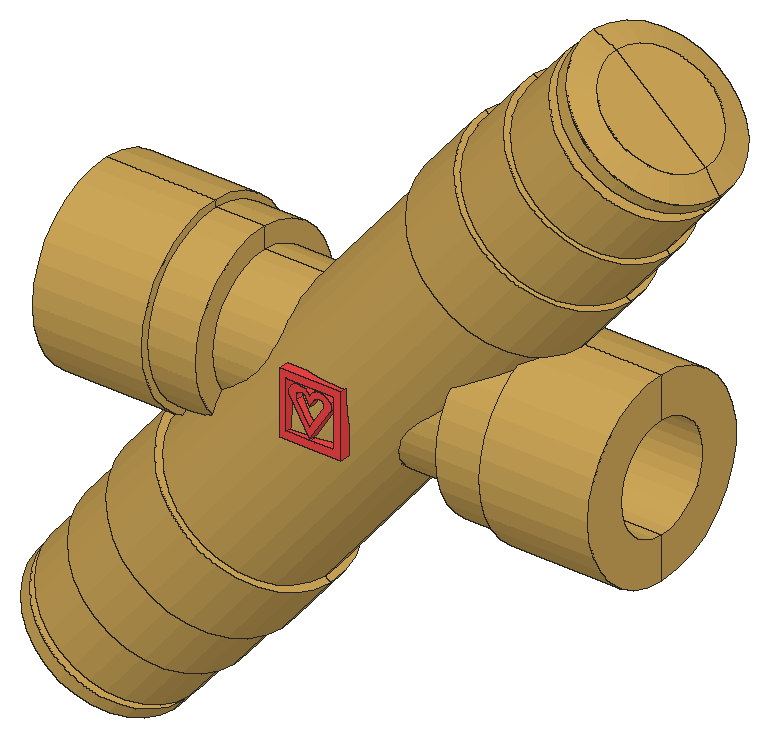
Revit family "Zirkulationstemperaturbegrenzer 4011", category Rohrzubehör, Revit 2018
Family settings
  Bemaßung runder Anschluss = Durchmesser verwenden
  Teiletyp = Unterbricht
  OmniClass-Nummer = 23.65.55.14
  OmniClass-Titel = Valves for Liquid Services
  Arbeitsebenenbasiert = Nein
  Immer vertikal = Ja
  Beim Laden mit Abzugskörper schneiden = Nein
  Gemeinsam genutzt = Nein
Parameters (values of type "Werkseinstellung 52 und 70°C")
  Werkseinstellung Temperatur [instance] = if([52_70], "52 - 70°C", if([55_70], "55 - 70°C", if([58_70], "58 - 70°C", "0")))  # "52 - 70°C"
  W03 = 25.00°  # constant formula
  W02 = 15.00°  # constant formula
  W01 = 50.00°  # constant formula
  URL = "www.herz-armaturen.at"
  Sitz, Kegel, Feder = "Edelstahl"  # constant formula
  SC_NennweiteBerechnet = 0
  SC_Dimension = ""
  SCTWSEQ = "AW;SBT_TYP_AW=\"104\";2"
  SCTWCODE = "04;26;02"  # constant formula
  S06 = 40.000 mm  # constant formula
  S05 = 15.000 mm  # constant formula
  S04 = 20.000 mm  # constant formula
  S03 = 60.000 mm  # constant formula
  S02 [instance] = S01 + 5.000 mm  # 11.750 mm
  S01 [instance] = D01 / 2  # 6.750 mm
  R01 = 5.000 mm  # constant formula
  Nennweite [instance] = 15.000 mm
  Medium = "Trinkwasser"  # constant formula
  Max. Betriebstemperatur = 80 °C  # constant formula
  Max. Betriebsdruck = 1000000.0 Pa  # constant formula
  L09 = 4.500 mm  # constant formula
  L08 = 1.500 mm  # constant formula
  L07 [instance] = L03 + L05 + L06  # 58.400 mm
  L06 [instance] = size_lookup("4011_0X_", "L6", 1.000 mm, Nennweite)  # 8.900 mm
  L05 [instance] = size_lookup("4011_0X_", "L5", 1.000 mm, Nennweite)  # 10.000 mm
  L04 [instance] = size_lookup("4011_0X_", "L4", 1.000 mm, Nennweite)  # 11.000 mm
  L03 [instance] = size_lookup("4011_0X_", "L3", 1.000 mm, Nennweite)  # 39.500 mm
  L02 [instance] = size_lookup("4011_0X_", "L2", 1.000 mm, Nennweite)  # 23.000 mm
  L01 [instance] = size_lookup("4011_0X_", "L1", 1.000 mm, Nennweite)  # 15.900 mm
  L00 [instance] = size_lookup("4011_0X_", "L", 1.000 mm, Nennweite)  # 81.000 mm
  IG [instance] = Nennweite / 2  # 7.500 mm
  Hinweis = "Gemäß Art 33 der REACH-Verordnung (EG Nr. 1907/2006) sind wir verpflichtet, darauf hinzuweisen, dass der Stoff Blei auf der SVHC-Liste geführt wird und dass alle aus Messing bestehenden Bauteile, die in unseren Erzeugnissen verarbeitet sind, mehr als 0,1 % (w/w) Blei (CAS: 7439-92-1 / EINECS: 231-100-4) enthalten.\r\nDa Blei als Legierungsbestandteil fest gebunden ist, sind keine Expositionen zu erwarten und daher sind keine zusätzlichen Angaben zur sicheren Verwendung notwendig."
  Hersteller = "HERZ Armaturen Ges.m.b.H."  # constant formula
  Gehäuse = "CC770S"  # constant formula
  GT [instance] = size_lookup("4011_0X_", "GT", 1.000 mm, Nennweite)  # 12.000 mm
  Funktionsweise = "Der HERZ-Zirkulationstemperaturbegrenzer ist ein thermostatisches Drosselventil für Trinkwassersysteme mit Umwälzpumpe, in Form eines Proportionalreglers ohne Hilfsenergie.\r\nDie Mediumstemperatur der Zirkulationsleitung wird geregelt und automatisch für die Verteilung des Warmwassers bei mehreren Strängen (soweit vorhanden) gesorgt.\r\n\r\nDie zirkulierende Wassermenge wird auf die jeweils erforderliche Menge zur Konstanthaltung der Temperatur begrenzt und die Zirkulationsverluste werden minimiert.\r\nDie Armatur ist ebenfalls für die Legionellenspülung des Systems einzusetzen.\r\nDie zirkulierende Wassermenge wird bei der Spülung wieder auf die ausgelegte Wassermenge erhöht.\r\n\r\nDer Ventilsitz im Gehäuse wird vom Ventilkegel geöffnet oder geschlossen.\r\nDer Kegel wird bei steigender Temperatur vom Thermostatelement langsam und stetig, ohne Druckstöße, in Richtung „zu“ bewegt und bei fallender Temperatur von einer Öffnungsfeder gegen das Thermostatelement geöffnet.\r\nDas Ausdehnungsmedium im Inneren des Thermostatelements wandelt die Temperaturänderung in eine Wegänderung um.\r\nBei thermischer Desinfektion wird mittels des zweiten Thermostatelements das erste übersteuert, sodass wieder der komplette Duchfluss an der Armatur zur Verfügung steht.\r\n\r\nBauart bedingt ist bei der Armatur eine Leckmenge von ca. 0,65 l/min bei ca. 10 kPa Differenzdruck zu berücksichtigen."
  Kegel für Oberteil, Oberteil, Kappe = "CW725N"  # constant formula
  Dichtungen = "EPDM entsprechend KTW"  # constant formula
  D10 = 12.000 mm  # constant formula
  D09 = 9.200 mm  # constant formula
  D08 = 8.500 mm  # constant formula
  D07 [instance] = size_lookup("4011_0X_", "D7", 1.000 mm, Nennweite)  # 13.000 mm
  D06 [instance] = size_lookup("4011_0X_", "D6", 1.000 mm, Nennweite)  # 12.200 mm
  D05 [instance] = size_lookup("4011_0X_", "D5", 1.000 mm, Nennweite)  # 12.750 mm
  D04 [instance] = size_lookup("4011_0X_", "D4", 1.000 mm, Nennweite)  # 13.750 mm
  D03 [instance] = size_lookup("4011_0X_", "D3", 1.000 mm, Nennweite)  # 9.500 mm
  D02 [instance] = size_lookup("4011_0X_", "D2", 1.000 mm, Nennweite)  # 12.500 mm
  D01 [instance] = size_lookup("4011_0X_", "D1", 1.000 mm, Nennweite)  # 13.500 mm
  Bestellnummer [instance] = if(and([52_70], Nennweite = 15.000 mm), 2401101, if(and([52_70], Nennweite = 20.000 mm), 2401102, if(and([55_70], Nennweite = 15.000 mm), 2401111, if(and([55_70], Nennweite = 20.000 mm), 2401112, if(and([58_70], Nennweite = 15.000 mm), 2401117, if(and([58_70], Nennweite = 20.000 mm), 2401118, 0))))))  # 2401101
  Ausführung = "HERZ-Zirkulationstemperaturbegrenzer, Schrägsitz in gelber Ausführung, Gehäuse und wasserführende Teile aus Messing, Sitz, Kegel, Federn aus nichtrostendem Chrom-Nickel Stahl.\r\nO-Ringe EPDM nach KTW.\r\nMuffengewinde gemäß ISO 7/1 (Rp).\r\nAusführung mit zwei Fühlern."
  58_70 = no
  55_70 = no
  52_70 = yes
Types (4, lengths in mm): name | Werkseinstellung Temperatur | S02 | S01 | Nennweite | L07 | L06 | L05 | L04 | L03 | L02 | L01 | L00 | IG | GT | D07 | D06 | D05 | D04 | D03 | D02 | D01 | Bestellnummer | 58_70 | 55_70 | 52_70
  (no name) | "52 - 70°C" | 11.750 | 6.750 | 15.000 | 58.400 | 8.900 | 10.000 | 11.000 | 39.500 | 23.000 | 15.900 | 81.000 | 7.500 | 12.000 | 13.000 | 12.200 | 12.750 | 13.750 | 9.500 | 12.500 | 13.500 | 2401101 | no | no | yes
  Werkseinstellung 52 und 70°C | "52 - 70°C" | 11.750 | 6.750 | 15.000 | 58.400 | 8.900 | 10.000 | 11.000 | 39.500 | 23.000 | 15.900 | 81.000 | 7.500 | 12.000 | 13.000 | 12.200 | 12.750 | 13.750 | 9.500 | 12.500 | 13.500 | 2401101 | no | no | yes
  Werkseinstellung 55 und 70°C | "55 - 70°C" | 13.000 | 8.000 | 20.000 | 60.700 | 4.500 | 6.200 | 10.000 | 50.000 | 20.500 | 17.000 | 102.000 | 10.000 | 16.300 | 15.000 | 13.500 | 15.500 | 16.500 | 13.000 | 15.000 | 16.000 | 2401112 | no | yes | no
  Werkseinstellung 58 und 70°C | "58 - 70°C" | 13.000 | 8.000 | 20.000 | 60.700 | 4.500 | 6.200 | 10.000 | 50.000 | 20.500 | 17.000 | 102.000 | 10.000 | 16.300 | 15.000 | 13.500 | 15.500 | 16.500 | 13.000 | 15.000 | 16.000 | 2401118 | yes | no | no
Reference planes
  plane 1 "Mitte (Vorne/hinten)": y = 0
  plane 2: z = 0
  plane 3 "Mitte (Links/rechts)": x = 0
Forms (mm)
  Revolve 1, solid, material "Messing, weicher Gelbton, geschweißt", detail levels fine
    sketch origin (0, 0, 0) x (1, 0, 0) y (0, 0, 1)
      loop
        line (-28.5, 0) -> (28.5, 0) -> (28.5, 7.5) -> (40.5, 7.5) -> (40.5, 13.5) -> (24.6, 13.5) -> (24.6, 12.5) -> (17.5, 12.5) -> (17.5, 9.5) -> (-17.5, 9.5) -> (-17.5, 12.5) -> (-24.6, 12.5) -> (-24.6, 13.5) -> (-40.5, 13.5) -> (-40.5, 7.5) -> (-28.5, 7.5) -> (-28.5, 0)
      axis (-40.5, 0) -> (40.5, 0)
    angle from 0 to 360
  Revolve 2, solid, material "Messing, weicher Gelbton, geschweißt", detail levels fine
    sketch origin (0, 0, 0) x (1, 0, 0) y (0, 0, 1)
      loop
        line (0, 0) -> (25.39, 30.259) -> (14.857, 39.097) -> (7.786, 30.671) -> (8.552, 30.028) -> (-28.087, -13.637) -> (-28.853, -12.994) -> (-35.923, -21.42) -> (-25.39, -30.259) -> (0, 0)
      axis (25.39, 30.259) -> (-25.39, -30.259)
    angle from 0 to 360
  Revolve 3, solid, material "Messing, weicher Gelbton, geschweißt", detail levels fine
    sketch origin (0, 0, 0) x (1, 0, 0) y (0, 0, 1)
      loop
        line (0, 0) -> (37.539, 44.737) -> (28.193, 52.579) -> (22.472, 45.761) -> (21.859, 46.275) -> (15.432, 38.615) -> (21.56, 33.473) -> (-29.22, -27.045) -> (-35.349, -21.903) -> (-41.777, -29.563) -> (-41.164, -30.077) -> (-46.885, -36.895) -> (-37.539, -44.737) -> (0, 0)
      axis (-37.539, -44.737) -> (37.539, 44.737)
    angle from 0 to 360
  Revolve 4, solid, material "Messing, weicher Gelbton, geschweißt", detail levels fine
    sketch origin (0, 0, 0) x (1, 0, 0) y (0, 0, 1)
      loop
        line (0, 0) -> (40.431, 48.184) -> (33.92, 53.648) -> (30.636, 55.179) -> (29.31, 53.6) -> (31.455, 51.8) -> (30.491, 50.651) -> (33.709, 47.951) -> (-41.369, -41.523) -> (-44.586, -38.823) -> (-45.551, -39.972) -> (-47.696, -38.173) -> (-49.021, -39.752) -> (-46.943, -42.721) -> (-40.431, -48.184) -> (0, 0)
      axis (-40.431, -48.184) -> (40.431, 48.184)
    angle from 0 to 360
Lines and regions (mm)
  model lines, detail levels coarse+medium
    curve 1: line (-40.5, 0, 13.5) -> (-40.5, 0, -13.5)
    curve 2: line (-40.5, 0, -13.5) -> (40.5, 0, 13.5)
    curve 3: line (40.5, 0, 13.5) -> (40.5, 0, -13.5)
    curve 4: line (40.5, 0, -13.5) -> (-40.5, 0, 13.5)
    curve 5: circle (0, 0, 0) r 6.75 normal (0, -1, 0)
    curve 6: line (0, 0, 40) -> (0, 0, 60)
    curve 7: line (-15, 0, 60) -> (15, 0, 60)
    curve 8: line (15, 0, 60) -> (15, 0, 80)
    curve 9: line (15, 0, 80) -> (-15, 0, 80)
    curve 10: line (-15, 0, 80) -> (-15, 0, 60)
    curve 11: line (0, 0, 11.75) -> (13.173, 0, 40)
    curve 12: line (0, 0, 11.75) -> (-13.173, 0, 40)
    curve 13: line (-13.173, 0, 40) -> (13.173, 0, 40)
    curve 14: line (-40.5, 13.5, 0) -> (-40.5, -13.5, 0)
    curve 15: line (-40.5, -13.5, 0) -> (40.5, 13.5, 0)
    curve 16: line (40.5, 13.5, 0) -> (40.5, -13.5, 0)
    curve 17: line (40.5, -13.5, 0) -> (-40.5, 13.5, 0)
    curve 18: circle (0, 0, 0) r 6.75 normal (0, 0, 1)
    curve 19: line (0, 40, 0) -> (0, 60, 0)
    curve 20: line (-15, 60, 0) -> (15, 60, 0)
    curve 21: line (15, 60, 0) -> (15, 80, 0)
    curve 22: line (15, 80, 0) -> (-15, 80, 0)
    curve 23: line (-15, 80, 0) -> (-15, 60, 0)
    curve 24: line (0, 11.75, 0) -> (13.173, 40, 0)
    curve 25: line (0, 11.75, 0) -> (-13.173, 40, 0)
    curve 26: line (-13.173, 40, 0) -> (13.173, 40, 0)
Dimensions and locks
  "L00": Revolve 1 sketch curve to Revolve 1 sketch curve
  equal spacing: Revolve 1 sketch curve, plane 3 "Mitte (Links/rechts)", Revolve 1 sketch curve
  "L01": Revolve 1 sketch curve to Revolve 1 sketch curve  (x2)
  "L02": Revolve 1 sketch curve to Revolve 1 sketch curve  (x2)
  "GT": Revolve 1 sketch curve to Revolve 1 sketch curve  (x2)
  "IG": Revolve 1 sketch curve to plane 2  (x2)
  "D01": Revolve 1 sketch curve to plane 2  (x2)
  "D02": Revolve 1 sketch curve to plane 2  (x2)
  "D03": Revolve 1 sketch curve to Revolve 1 sketch curve
  equal spacing: Revolve 1, Revolve 2 sketch curve, Revolve 1  (x2)
  "L03": Revolve 2 sketch curve to Revolve 2 sketch curve  (x2)
  "L04": Revolve 2 sketch curve to Revolve 2 sketch curve  (x2)
  "D05": nested 1 to plane 1 "Mitte (Vorne/hinten)"
  "D04": Revolve 2 sketch curve to Revolve 2 sketch curve  (x2)
  "D05": Revolve 2 sketch curve to Revolve 2 sketch curve
  "L03": Revolve 3 sketch curve to Revolve 3 sketch curve  (x2)
  "L05": Revolve 3 sketch curve to Revolve 3 sketch curve  (x2)
  "L06": Revolve 3 sketch curve to Revolve 3 sketch curve  (x2)
  "D06": Revolve 3 sketch curve to Revolve 3 sketch curve  (x2)
  "D07": Revolve 3 sketch curve to Revolve 3 sketch curve  (x2)
  "R01": Revolve 3 sketch curve to Revolve 3 sketch curve
  equal spacing: Revolve 1, Revolve 3 sketch curve, Revolve 1
  equal spacing: Revolve 1, Revolve 4 sketch curve, Revolve 1
  "L07": Revolve 4 sketch curve to Revolve 4 sketch curve to Revolve 4 sketch curve
  "L08": Revolve 4 sketch curve to Revolve 4 sketch curve  (x2)
  "L09": Revolve 4 sketch curve to Revolve 4 sketch curve  (x2)
  "D08": Revolve 4 sketch curve to Revolve 4 sketch curve  (x2)
  "D09": Revolve 4 sketch curve to Revolve 4 sketch curve  (x2)
  "D10": Revolve 4 sketch curve to Revolve 4 sketch curve  (x2)
  "R01": Revolve 4 sketch curve to Revolve 4 sketch curve
  equal spacing: curve 1, plane 3 "Mitte (Links/rechts)", curve 3
  "L00": curve 1 to curve 3
  "D01": curve 4 to plane 2 to curve 2
  "D01": curve 3 to plane 2 to curve 4
  equal spacing: Revolve 1, curve 5, Revolve 1
  "S03": curve 6 to plane 2
  "S05": curve 10 to plane 3 "Mitte (Links/rechts)" to curve 8
  "S04": curve 9 to curve 7
  "S06": curve 13 to plane 2
  "S02": curve 12 to plane 2
  equal spacing: curve 14, plane 3 "Mitte (Links/rechts)", curve 16
  "L00": curve 14 to curve 16
  "D01": curve 15 to plane 1 "Mitte (Vorne/hinten)" to curve 17
  "D01": curve 17 to plane 1 "Mitte (Vorne/hinten)" to curve 16
  equal spacing: curve 14, curve 18, curve 16
  "S06": plane 1 "Mitte (Vorne/hinten)" to curve 19
  "S03": plane 1 "Mitte (Vorne/hinten)" to curve 19
  "S05": curve 23 to plane 3 "Mitte (Links/rechts)" to curve 21
  "S04": curve 22 to curve 20
  "S02": plane 1 "Mitte (Vorne/hinten)" to curve 25
  "S01": radius of curve 5
  "S01": radius of curve 18
  "W01": angle plane 2 to Revolve 3 sketch curve
  "W01": angle plane 2 to Revolve 4 sketch curve
  "W02": angle Revolve 4 sketch curve to Revolve 4 sketch curve  (x2)
  "W01": angle plane 2 to Revolve 2 sketch curve
  "W03": angle curve 11 to curve 6 to curve 12
  "W03": angle curve 24 to plane 3 "Mitte (Links/rechts)" to curve 25
  aligned and locked: level to plane 2
Automatic sketch dimensions
  curve 12 to plane 3 "Mitte (Links/rechts)" = 0.000 mm
  curve 6 to plane 3 "Mitte (Links/rechts)" = 0.000 mm
  curve 5 to level = 0.000 mm
  curve 25 to plane 3 "Mitte (Links/rechts)" = 0.000 mm
  curve 19 to plane 3 "Mitte (Links/rechts)" = 0.000 mm
  plane 1 "Mitte (Vorne/hinten)" to curve 18 = 0.000 mm
  Revolve 1 sketch curve to level = 0.000 mm  (x2)
  Revolve 1 sketch curve to Revolve 1 sketch curve = 1466.030 mm
  Revolve 1 sketch curve to Revolve 1 sketch curve = 1798.648 mm
  Revolve 2 sketch curve to level = 0.000 mm  (x2)
  Revolve 3 sketch curve to level = 0.000 mm
  Revolve 3 sketch curve to Revolve 3 sketch curve = 0.000 mm  (x4)
  Revolve 4 sketch curve to level = 0.000 mm
  Revolve 4 sketch curve to Revolve 4 sketch curve = 0.000 mm  (x4)
Nested families
  nested 1: "Herz-Logo-vorne" at (0, -12.75, 0) x (0, 1, 0) z (0, 0, 1), type "Herz-Logo-vorne", detail levels fine
Connectors
  piping at (-28.5, 0, 0), diameter 15, driven by "Nennweite"
    settings: on Revolve 1, index 1, connector inside diameter 609.6 mm, connector length 0.000 mm, flow factor 0, pipe flow 0.0 L/s, pressure drop 0.0 Pa, fitting loss kfactor 0, connector angle 0.00°, fixture units 0, engagement length 0.000 mm, angle of deflection 0.00°, flow configuration 0, flow direction 1, fitting loss method 0, system type 29, joint type 0, gender type 0, connector reference index -1, connector utility 0, adjustable connector no, is connector primary yes, connector description ""
  piping at (28.5, 0, 0), diameter 15, driven by "Nennweite"
    settings: on Revolve 1, index 2, connector inside diameter 609.6 mm, connector length 0.000 mm, flow factor 0, pipe flow 0.0 L/s, pressure drop 0.0 Pa, fitting loss kfactor 0, connector angle 0.00°, fixture units 0, engagement length 0.000 mm, angle of deflection 0.00°, flow configuration 0, flow direction 2, fitting loss method 0, system type 29, joint type 0, gender type 0, connector reference index -1, connector utility 0, adjustable connector no, is connector primary no, connector description ""
Definition of nested family "Herz-Logo-vorne"
  Reference planes
    plane 1 "Mitte (Vorne/hinten)": y = 0
    plane 2: z = 0
    plane 3 "Mitte (Links/rechts)": x = 0
  Forms (mm)
    Extrusion 1, solid
      sketch origin (0.732, -0.018, 0.017) x (0, -1, 0) y (0, 0, 1)
        loop
          line (-0.018, -4.517) -> (4.482, -4.517) -> (4.482, 4.483) -> (-4.518, 4.483) -> (-4.518, -4.517) -> (-0.018, -4.517)
        loop
          line (-0.05, -3.48) -> (3.482, -3.48) -> (3.482, 3.483) -> (-3.518, 3.483) -> (-3.518, -3.48) -> (-0.05, -3.48)
        loop
          arc (-0.018, 2.383) -> (-1.543, 3.287) -> (-3.067, 2.383) r 1.738
          arc (-3.067, 2.383) -> (-3.191, 1.899) -> (-3.067, 1.415) r 1.009
          line (-3.067, 1.415) -> (-0.018, -3.281) -> (3.032, 1.415)
          arc (3.032, 1.415) -> (3.156, 1.899) -> (3.032, 2.383) r 1.009
          arc (3.032, 2.383) -> (1.507, 3.287) -> (-0.018, 2.383) r 1.738
        loop
          arc (1.885, 1.272) -> (2.005, 1.675) -> (1.885, 2.079) r 0.74
          arc (1.885, 2.079) -> (1.265, 2.416) -> (0.644, 2.079) r 0.74
          line (0.644, 2.079) -> (-0.018, 0.97) -> (-0.679, 2.079)
          arc (-0.679, 2.079) -> (-1.3, 2.416) -> (-1.921, 2.079) r 0.74
          arc (-1.921, 2.079) -> (-2.04, 1.675) -> (-1.921, 1.272) r 0.74
          line (-1.921, 1.272) -> (-0.018, -1.658) -> (1.885, 1.272)
      from 0 to 1.5
  Dimensions and locks
    aligned and locked: level to plane 2
